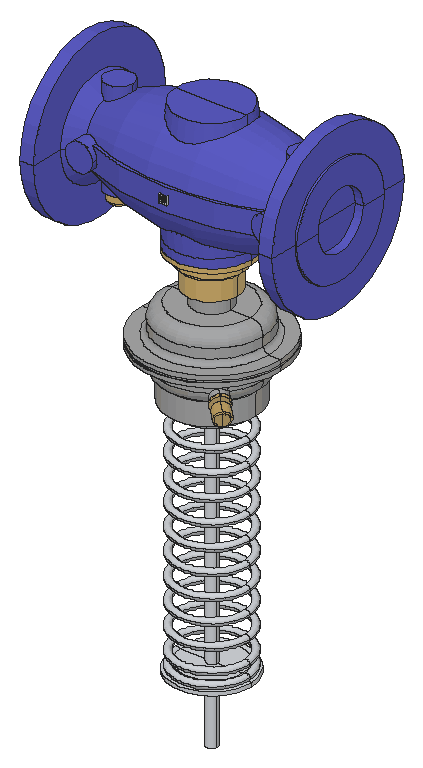
Revit family "Differential Pressure Control Valve F 4007 10-40kPa", category Rohrzubehör, Revit 2018
Family settings
  Bemaßung runder Anschluss = Durchmesser verwenden
  Teiletyp = Unterbricht
  OmniClass-Nummer = 23.65.55.14
  OmniClass-Titel = Valves for Liquid Services
  Arbeitsebenenbasiert = Nein
  Immer vertikal = Ja
  Beim Laden mit Abzugskörper schneiden = Nein
  Gemeinsam genutzt = Nein
Parameters
  Differential pressure setting range = "10-40 kPa"  # constant formula
  Testing pressure = 2500000.0 Pa  # constant formula
  Min. operating temperature (anti freeze) = -10 °C  # constant formula
  Min. operating temperature = 2 °C  # constant formula
  Max. operating temperature = 110 °C  # constant formula
  URL = "www.herzvalves.com"
  Spring = "EN 10270-1-SH"  # constant formula
  SCRNSEQ = "ARM;ARM_TYP=\"DIFR\";2"
  SCRNCODE = "05;03;02"  # constant formula
  S02 [instance] = H03 + H13  # 134 mm
  S01 [instance] = (2 * H02) + (2 * H04) + H05  # 72.7 mm
  R99 = 14 mm  # constant formula
  R98 = 6 mm  # constant formula
  R97 = 2 mm  # constant formula
  R02 = 15.5 mm  # constant formula
  R01 [instance] = size_lookup("4007_F_10-40", "R1", 45.5 mm, Nennweite)  # 55.5 mm
  R00 [instance] = size_lookup("4007_F_10-40", "R", 53 mm, Nennweite)  # 65 mm
  Nennweite [instance] = 65 mm
  O-Ring = "EPDM"  # constant formula
  Medium = "Water purity in accordance with ÖNORM H 5195 and VDI 2035 standards.\r\nEthylene and propylene glycol can be mixed in ratio of 25 - 50 vol. [%]."
  Max. operating pressure = 1600000.0 Pa  # constant formula
  Max. differential pressure = 400000.0 Pa  # constant formula
  L05 [instance] = L04 - 6.3 mm  # 104.7 mm
  L04 [instance] = size_lookup("4007_F_10-40", "L4", 81 mm, Nennweite)  # 111 mm
  L03 = 10 mm  # constant formula
  L02 [instance] = size_lookup("4007_F_10-40", "L2", 15 mm, Nennweite)  # 15 mm
  L01 = 3 mm  # constant formula
  L00 [instance] = size_lookup("4007_F_10-40", "L", 115 mm, Nennweite)  # 145 mm
  Hersteller = "HERZ Armaturen Ges.m.b.H."  # constant formula
  H19 [instance] = size_lookup("4007_F_10-40", "H19", 9 mm, Nennweite)  # 581 mm
  H18 [instance] = H19 - 75 mm  # 506 mm
  H17 = 6 mm  # constant formula
  H16 = 10 mm  # constant formula
  H15 = 24.5 mm  # constant formula
  H14 = 5 mm  # constant formula
  H13 = 17 mm  # constant formula
  H12 [instance] = R00 + 4 mm  # 69 mm
  H11 [instance] = R00 + 10 mm  # 75 mm
  H10 = 5 mm  # constant formula
  H09 [instance] = size_lookup("4007_F_10-40", "H9", 9 mm, Nennweite)  # 9 mm
  H08 = 21 mm  # constant formula
  H07 [instance] = R00 + 23.4 mm  # 88.4 mm
  H06 [instance] = D12 + 15 mm  # 55.5 mm
  H05 = 2.5 mm  # constant formula
  H04 = 4.6 mm  # constant formula
  H03 [instance] = H08 + H09 + H10 + H11 + H14 + R97  # 117 mm
  H02 [instance] = size_lookup("4007_F_10-40", "H2", 30.5 mm, Nennweite)  # 30.5 mm
  H01 [instance] = size_lookup("4007_F_10-40", "H1", 210 mm, Nennweite)  # 205 mm
  Diaphragm = "EPDM with textile"  # constant formula
  Body = "EN-GJL-250 gem. EN 1561"  # constant formula
  DN80 [instance] = Nennweite = 80 mm  # no
  DN65 [instance] = Nennweite = 65 mm  # yes
  DN100 [instance] = Nennweite = 100 mm  # no
  D17 = 6 mm  # constant formula
  D16 = 45 mm  # constant formula
  D15 = 35 mm  # constant formula
  D14 = 50 mm  # constant formula
  D13 [instance] = D11 + 10 mm  # 50 mm
  D12 [instance] = R01 - 15 mm  # 40.5 mm
  D11 [instance] = size_lookup("4007_F_10-40", "D11", 40 mm, Nennweite)  # 40 mm
  D10 [instance] = D11 + 5 mm  # 45 mm
  D09 [instance] = D11 - 5 mm  # 35 mm
  D08 = 24 mm  # constant formula
  D07 = 29.5 mm  # constant formula
  D06 [instance] = size_lookup("4007_F_10-40", "D6", 51 mm, Nennweite)  # 57.8 mm
  D05 [instance] = D04 - 1 mm  # 77 mm
  D04 [instance] = size_lookup("4007_F_10-40", "D4", 51 mm, Nennweite)  # 78 mm
  D03 = 21 mm  # constant formula
  D02 [instance] = Nennweite / 2  # 32.5 mm
  D01 [instance] = size_lookup("4007_F_10-40", "D1", 51 mm, Nennweite)  # 61 mm
  D00 [instance] = size_lookup("4007_F_10-40", "D", 82.5 mm, Nennweite)  # 92.5 mm
  Part number [instance] = if(Nennweite = 65 mm, "F400707", if(Nennweite = 80 mm, "F400708", if(Nennweite = 100 mm, "F400709", "0")))  # "F400707"
  Model = "The differential pressure controller is a straight-version proportional controller and works without auxiliary energy.\r\nThe required nominal differential pressure can be continuously adjusted from 10 to 40 kPa.\r\nThe impulse pipe (1500 mm) is included in the valve set and has to be connected to a double regulating valve on the supply side."
  Application = "For heating and cooling systems, to ensure constant differential pressure within the control range."
  Connection flange = "EN 1092-2"  # constant formula
Reference planes
  plane 1 "Mitte (Vorne/hinten)": y = 0
  plane 2: z = -0.015
  plane 3 "Mitte (Links/rechts)": x = 0
Forms (mm)
  Revolve 1, solid, material "Herz-Marineblau", detail levels fine
    sketch origin (1065, 0, 0) x (1, 0, 0) y (0, 1, 0)
      loop
        line (-1207, 92.5) -> (-1207, 61) -> (-1210, 61) -> (-1210, 32.5) -> (-1200, 32.5) -> (-1200, 0) -> (-930, 0) -> (-930, 32.5) -> (-920, 32.5) -> (-920, 61) -> (-923, 61) -> (-923, 92.5) -> (-938, 92.5) -> (-938, 55.5) -> (-954, 40.5)
        arc (-954, 40.5) -> (-1065, 65) -> (-1176, 40.5) r 263.699
        line (-1176, 40.5) -> (-1192, 55.5) -> (-1192, 92.5) -> (-1207, 92.5)
      axis (-1210, 0) -> (-920, 0)
    angle from 0 to 360
  Extrusion 2, solid, material "Herz-Marineblau", detail levels fine
    sketch origin (0, 0, 0) x (1, 0, 0) y (0, 1, 0)
      loop
        circle (-104.7, 0) r 15.5
      loop
        circle (104.7, 0) r 15.5
    from -55.515 to 55.485
  Extrusion 3, solid, material "Herz-Marineblau", detail levels fine
    sketch origin (0, 0, 0) x (-1, 0, 0) y (0, 0, -1)
      loop
        circle (104.7, 0) r 15.5
      loop
        circle (-104.7, 0) r 15.5
    from -55.5 to 55.5
  Revolve 4, solid, material "Herz-Marineblau", detail levels fine
    sketch origin (92.737, 0, -45.97) x (1, 0, 0) y (0, 0, 1)
      loop
        line (-92.737, 114.955) -> (-92.737, -29.045) -> (-47.737, -29.045) -> (-47.737, -19.045) -> (-42.737, 45.97) -> (-52.737, 114.955) -> (-92.737, 114.955)
      axis (-92.737, 114.955) -> (-92.737, -29.045)
    angle from 0 to 360
  Revolve 5, solid, material "Messing", detail levels fine
    sketch origin (446.725, 0, 35.707) x (1, 0, 0) y (0, 0, 1)
      loop
        line (-446.725, -110.722) -> (-446.725, -152.722) -> (-417.225, -152.722) -> (-417.225, -131.722) -> (-422.725, -131.722) -> (-422.725, -126.722) -> (-411.725, -126.722) -> (-411.725, -117.722)
        arc (-411.725, -117.722) -> (-411.14, -116.308) -> (-409.725, -115.722) r 2
        line (-409.725, -115.722) -> (-401.725, -115.722) -> (-401.725, -110.722) -> (-446.725, -110.722)
      axis (-446.725, -152.722) -> (-446.725, -110.722)
    angle from 0 to 360
  Revolve 6, solid, material "Aluminium", detail levels fine
    sketch origin (925.114, 0, 19.41) x (1, 0, 0) y (0, 0, 1)
      loop
        line (-925.114, -136.425) -> (-925.114, -250.625) -> (-875.114, -250.625) -> (-875.114, -226.125) -> (-881.314, -226.125)
        arc (-881.314, -226.125) -> (-871.414, -222.025) -> (-867.314, -212.125) r 14
        line (-867.314, -212.125) -> (-867.314, -201.625)
        arc (-867.314, -201.625) -> (-865.556, -197.383) -> (-861.314, -195.625) r 6
        line (-861.314, -195.625) -> (-847.114, -195.625) -> (-847.114, -191.025) -> (-848.114, -191.025) -> (-848.114, -188.525) -> (-847.114, -188.525) -> (-847.114, -183.925) -> (-861.314, -183.925)
        arc (-861.314, -183.925) -> (-865.556, -182.168) -> (-867.314, -177.925) r 6
        line (-867.314, -177.925) -> (-867.314, -167.425)
        arc (-867.314, -167.425) -> (-871.414, -157.526) -> (-881.314, -153.425) r 14
        line (-881.314, -153.425) -> (-904.114, -153.425) -> (-904.114, -136.425) -> (-925.114, -136.425)
      axis (-925.114, -136.425) -> (-925.114, -250.625)
    angle from 0 to 360
  Extrusion 7, solid, material "Herz-Marineblau", visible <- "DN65", detail levels fine
    sketch origin (0, 0, 0) x (1, 0, 0) y (0, 1, 0)
      loop
        arc (-104.7, -46.589) -> (0, -68) -> (104.7, -46.589) r 266.699
        line (104.7, -46.589) -> (104.7, 46.589)
        arc (104.7, 46.589) -> (0, 68) -> (-104.7, 46.589) r 266.699
        line (-104.7, 46.589) -> (-104.7, -46.589)
    from -12.5 to 12.5
  Extrusion 8, solid, material "Herz-Marineblau", visible <- "DN80", detail levels fine
    sketch origin (0, 0, 0) x (1, 0, 0) y (0, 1, 0)
      loop
        arc (-114.7, -54.973) -> (0, -74) -> (114.7, -54.973) r 355.238
        line (114.7, -54.973) -> (114.7, 54.973)
        arc (114.7, 54.973) -> (0, 74) -> (-114.7, 54.973) r 355.238
        line (-114.7, 54.973) -> (-114.7, -54.973)
    from -12.5 to 12.5
  Extrusion 9, solid, material "Herz-Marineblau", visible <- "DN100", detail levels fine
    sketch origin (0, 0, 0) x (1, 0, 0) y (0, 1, 0)
      loop
        arc (-134.7, -65.632) -> (0, -85) -> (134.7, -65.632) r 478.099
        line (134.7, -65.632) -> (134.7, 65.632)
        arc (134.7, 65.632) -> (0, 85) -> (-134.7, 65.632) r 478.099
        line (-134.7, 65.632) -> (-134.7, -65.632)
    from -12.5 to 12.5
  Revolve 10, solid, detail levels fine
    sketch origin (0, 0, 0) x (1, 0, 0) y (0, 0, 1)
      loop
        line (0, -506.015) -> (45, -506.015) -> (45, -502.015) -> (35, -502.015) -> (35, -496.015) -> (0, -496.015) -> (0, -506.015)
      axis (0, -496.015) -> (0, -506.015)
    angle from 0 to 360
  Revolve 11, solid, detail levels fine
    sketch origin (0, 0, 0) x (1, 0, 0) y (0, 0, 1)
      loop
        line (0, -219.215) -> (0, -581.015) -> (6, -581.015) -> (6, -219.215) -> (0, -219.215)
      axis (0, -219.215) -> (0, -581.015)
    angle from 0 to 360
  Sweep 12, solid, visible <- "DN65", detail levels fine
    path in 3D
      loop
        arc (-39, 0, -234.715) -> (0, -39, -234.715) -> (39, 0, -234.715) r 39
        arc (39, 0, -234.715) -> (0, 39, -234.715) -> (-39, 0, -234.715) r 39
    profile origin (0, 39, -234.715) x (0, -1, 0) y (0, 0, 1)
      loop
        circle (0, 0) r 3.5
  Sweep 13, solid, visible <- "DN65", detail levels fine
    path in 3D
      loop
        arc (-39, 0, -259.715) -> (0, -39, -259.715) -> (39, 0, -259.715) r 39
        arc (39, 0, -259.715) -> (0, 39, -259.715) -> (-39, 0, -259.715) r 39
    profile origin (0, 39, -259.715) x (0, -1, 0) y (0, 0, 1)
      loop
        circle (0, 0) r 3.5
  Sweep 14, solid, visible <- "DN65", detail levels fine
    path in 3D
      loop
        arc (-39, 0, -284.715) -> (0, -39, -284.715) -> (39, 0, -284.715) r 39
        arc (39, 0, -284.715) -> (0, 39, -284.715) -> (-39, 0, -284.715) r 39
    profile origin (0, 39, -284.715) x (0, -1, 0) y (0, 0, 1)
      loop
        circle (0, 0) r 3.5
  Sweep 15, solid, visible <- "DN65", detail levels fine
    path in 3D
      loop
        arc (-39, 0, -309.715) -> (0, -39, -309.715) -> (39, 0, -309.715) r 39
        arc (39, 0, -309.715) -> (0, 39, -309.715) -> (-39, 0, -309.715) r 39
    profile origin (0, 39, -309.715) x (0, -1, 0) y (0, 0, 1)
      loop
        circle (0, 0) r 3.5
  Sweep 16, solid, visible <- "DN65", detail levels fine
    path in 3D
      loop
        arc (-39, 0, -334.715) -> (0, -39, -334.715) -> (39, 0, -334.715) r 39
        arc (39, 0, -334.715) -> (0, 39, -334.715) -> (-39, 0, -334.715) r 39
    profile origin (0, 39, -334.715) x (0, -1, 0) y (0, 0, 1)
      loop
        circle (0, 0) r 3.5
  Sweep 17, solid, visible <- "DN65", detail levels fine
    path in 3D
      loop
        arc (-39, 0, -359.715) -> (0, -39, -359.715) -> (39, 0, -359.715) r 39
        arc (39, 0, -359.715) -> (0, 39, -359.715) -> (-39, 0, -359.715) r 39
    profile origin (0, 39, -359.715) x (0, -1, 0) y (0, 0, 1)
      loop
        circle (0, 0) r 3.5
  Sweep 18, solid, visible <- "DN65", detail levels fine
    path in 3D
      loop
        arc (-39, 0, -384.715) -> (0, -39, -384.715) -> (39, 0, -384.715) r 39
        arc (39, 0, -384.715) -> (0, 39, -384.715) -> (-39, 0, -384.715) r 39
    profile origin (0, 39, -384.715) x (0, -1, 0) y (0, 0, 1)
      loop
        circle (0, 0) r 3.5
  Sweep 19, solid, visible <- "DN65", detail levels fine
    path in 3D
      loop
        arc (-39, 0, -409.715) -> (0, -39, -409.715) -> (39, 0, -409.715) r 39
        arc (39, 0, -409.715) -> (0, 39, -409.715) -> (-39, 0, -409.715) r 39
    profile origin (0, 39, -409.715) x (0, -1, 0) y (0, 0, 1)
      loop
        circle (0, 0) r 3.5
  Sweep 20, solid, visible <- "DN65", detail levels fine
    path in 3D
      loop
        arc (-39, 0, -434.715) -> (0, -39, -434.715) -> (39, 0, -434.715) r 39
        arc (39, 0, -434.715) -> (0, 39, -434.715) -> (-39, 0, -434.715) r 39
    profile origin (0, 39, -434.715) x (0, -1, 0) y (0, 0, 1)
      loop
        circle (0, 0) r 3.5
  Sweep 21, solid, visible <- "DN65", detail levels fine
    path in 3D
      loop
        arc (-39, 0, -459.715) -> (0, -39, -459.715) -> (39, 0, -459.715) r 39
        arc (39, 0, -459.715) -> (0, 39, -459.715) -> (-39, 0, -459.715) r 39
    profile origin (0, 39, -459.715) x (0, -1, 0) y (0, 0, 1)
      loop
        circle (0, 0) r 3.5
  Sweep 22, solid, visible <- "DN65", detail levels fine
    path in 3D
      loop
        arc (-39, 0, -484.715) -> (0, -39, -484.715) -> (39, 0, -484.715) r 39
        arc (39, 0, -484.715) -> (0, 39, -484.715) -> (-39, 0, -484.715) r 39
    profile origin (0, 39, -484.715) x (0, -1, 0) y (0, 0, 1)
      loop
        circle (0, 0) r 3.5
  Sweep 23, solid, visible <- "DN65", detail levels fine
    path in 3D
      loop
        arc (-39, 0, -498.715) -> (0, -39, -498.715) -> (39, 0, -498.715) r 39
        arc (39, 0, -498.715) -> (0, 39, -498.715) -> (-39, 0, -498.715) r 39
    profile origin (0, 39, -498.715) x (0, -1, 0) y (0, 0, 1)
      loop
        circle (0, 0) r 3.5
  Sweep 24, solid, visible <- "DN80", detail levels fine
    path in 3D
      loop
        arc (-39, 0, -241.715) -> (0, -39, -241.715) -> (39, 0, -241.715) r 39
        arc (39, 0, -241.715) -> (0, 39, -241.715) -> (-39, 0, -241.715) r 39
    profile origin (0, 39, -241.715) x (0, -1, 0) y (0, 0, 1)
      loop
        circle (0, 0) r 3.5
  Sweep 25, solid, visible <- "DN80", detail levels fine
    path in 3D
      loop
        arc (-39, 0, -266.715) -> (0, -39, -266.715) -> (39, 0, -266.715) r 39
        arc (39, 0, -266.715) -> (0, 39, -266.715) -> (-39, 0, -266.715) r 39
    profile origin (0, 39, -266.715) x (0, -1, 0) y (0, 0, 1)
      loop
        circle (0, 0) r 3.5
  Sweep 26, solid, visible <- "DN80", detail levels fine
    path in 3D
      loop
        arc (-39, 0, -291.715) -> (0, -39, -291.715) -> (39, 0, -291.715) r 39
        arc (39, 0, -291.715) -> (0, 39, -291.715) -> (-39, 0, -291.715) r 39
    profile origin (0, 39, -291.715) x (0, -1, 0) y (0, 0, 1)
      loop
        circle (0, 0) r 3.5
  Sweep 27, solid, visible <- "DN80", detail levels fine
    path in 3D
      loop
        arc (-39, 0, -316.715) -> (0, -39, -316.715) -> (39, 0, -316.715) r 39
        arc (39, 0, -316.715) -> (0, 39, -316.715) -> (-39, 0, -316.715) r 39
    profile origin (0, 39, -316.715) x (0, -1, 0) y (0, 0, 1)
      loop
        circle (0, 0) r 3.5
  Sweep 28, solid, visible <- "DN80", detail levels fine
    path in 3D
      loop
        arc (-39, 0, -341.715) -> (0, -39, -341.715) -> (39, 0, -341.715) r 39
        arc (39, 0, -341.715) -> (0, 39, -341.715) -> (-39, 0, -341.715) r 39
    profile origin (0, 39, -341.715) x (0, -1, 0) y (0, 0, 1)
      loop
        circle (0, 0) r 3.5
  Sweep 29, solid, visible <- "DN80", detail levels fine
    path in 3D
      loop
        arc (-39, 0, -366.715) -> (0, -39, -366.715) -> (39, 0, -366.715) r 39
        arc (39, 0, -366.715) -> (0, 39, -366.715) -> (-39, 0, -366.715) r 39
    profile origin (0, 39, -366.715) x (0, -1, 0) y (0, 0, 1)
      loop
        circle (0, 0) r 3.5
  Sweep 30, solid, visible <- "DN80", detail levels fine
    path in 3D
      loop
        arc (-39, 0, -391.715) -> (0, -39, -391.715) -> (39, 0, -391.715) r 39
        arc (39, 0, -391.715) -> (0, 39, -391.715) -> (-39, 0, -391.715) r 39
    profile origin (0, 39, -391.715) x (0, -1, 0) y (0, 0, 1)
      loop
        circle (0, 0) r 3.5
  Sweep 31, solid, visible <- "DN80", detail levels fine
    path in 3D
      loop
        arc (-39, 0, -416.715) -> (0, -39, -416.715) -> (39, 0, -416.715) r 39
        arc (39, 0, -416.715) -> (0, 39, -416.715) -> (-39, 0, -416.715) r 39
    profile origin (0, 39, -416.715) x (0, -1, 0) y (0, 0, 1)
      loop
        circle (0, 0) r 3.5
  Sweep 32, solid, visible <- "DN80", detail levels fine
    path in 3D
      loop
        arc (-39, 0, -441.715) -> (0, -39, -441.715) -> (39, 0, -441.715) r 39
        arc (39, 0, -441.715) -> (0, 39, -441.715) -> (-39, 0, -441.715) r 39
    profile origin (0, 39, -441.715) x (0, -1, 0) y (0, 0, 1)
      loop
        circle (0, 0) r 3.5
  Sweep 33, solid, visible <- "DN80", detail levels fine
    path in 3D
      loop
        arc (-39, 0, -466.715) -> (0, -39, -466.715) -> (39, 0, -466.715) r 39
        arc (39, 0, -466.715) -> (0, 39, -466.715) -> (-39, 0, -466.715) r 39
    profile origin (0, 39, -466.715) x (0, -1, 0) y (0, 0, 1)
      loop
        circle (0, 0) r 3.5
  Sweep 34, solid, visible <- "DN80", detail levels fine
    path in 3D
      loop
        arc (-39, 0, -491.715) -> (0, -39, -491.715) -> (39, 0, -491.715) r 39
        arc (39, 0, -491.715) -> (0, 39, -491.715) -> (-39, 0, -491.715) r 39
    profile origin (0, 39, -491.715) x (0, -1, 0) y (0, 0, 1)
      loop
        circle (0, 0) r 3.5
  Sweep 35, solid, visible <- "DN80", detail levels coarse+medium
    path in 3D
      loop
        arc (-39, 0, -520.215) -> (0, -39, -520.215) -> (39, 0, -520.215) r 39
        arc (39, 0, -520.215) -> (0, 39, -520.215) -> (-39, 0, -520.215) r 39
    profile origin (0, 39, -520.215) x (0, -1, 0) y (0, 0, 1)
      loop
        circle (0, 0) r 3.5
  Sweep 36, solid, visible <- "DN100", detail levels fine
    path in 3D
      loop
        arc (-39, 0, -251.715) -> (0, -39, -251.715) -> (39, 0, -251.715) r 39
        arc (39, 0, -251.715) -> (0, 39, -251.715) -> (-39, 0, -251.715) r 39
    profile origin (0, 39, -251.715) x (0, -1, 0) y (0, 0, 1)
      loop
        circle (0, 0) r 3.5
  Sweep 37, solid, visible <- "DN100", detail levels fine
    path in 3D
      loop
        arc (-39, 0, -276.715) -> (0, -39, -276.715) -> (39, 0, -276.715) r 39
        arc (39, 0, -276.715) -> (0, 39, -276.715) -> (-39, 0, -276.715) r 39
    profile origin (0, 39, -276.715) x (0, -1, 0) y (0, 0, 1)
      loop
        circle (0, 0) r 3.5
  Sweep 38, solid, visible <- "DN100", detail levels fine
    path in 3D
      loop
        arc (-39, 0, -301.715) -> (0, -39, -301.715) -> (39, 0, -301.715) r 39
        arc (39, 0, -301.715) -> (0, 39, -301.715) -> (-39, 0, -301.715) r 39
    profile origin (0, 39, -301.715) x (0, -1, 0) y (0, 0, 1)
      loop
        circle (0, 0) r 3.5
  Sweep 39, solid, visible <- "DN100", detail levels fine
    path in 3D
      loop
        arc (-39, 0, -326.715) -> (0, -39, -326.715) -> (39, 0, -326.715) r 39
        arc (39, 0, -326.715) -> (0, 39, -326.715) -> (-39, 0, -326.715) r 39
    profile origin (0, 39, -326.715) x (0, -1, 0) y (0, 0, 1)
      loop
        circle (0, 0) r 3.5
  Sweep 40, solid, visible <- "DN100", detail levels fine
    path in 3D
      loop
        arc (-39, 0, -351.715) -> (0, -39, -351.715) -> (39, 0, -351.715) r 39
        arc (39, 0, -351.715) -> (0, 39, -351.715) -> (-39, 0, -351.715) r 39
    profile origin (0, 39, -351.715) x (0, -1, 0) y (0, 0, 1)
      loop
        circle (0, 0) r 3.5
  Sweep 41, solid, visible <- "DN100", detail levels fine
    path in 3D
      loop
        arc (-39, 0, -376.715) -> (0, -39, -376.715) -> (39, 0, -376.715) r 39
        arc (39, 0, -376.715) -> (0, 39, -376.715) -> (-39, 0, -376.715) r 39
    profile origin (0, 39, -376.715) x (0, -1, 0) y (0, 0, 1)
      loop
        circle (0, 0) r 3.5
  Sweep 42, solid, visible <- "DN100", detail levels fine
    path in 3D
      loop
        arc (-39, 0, -401.715) -> (0, -39, -401.715) -> (39, 0, -401.715) r 39
        arc (39, 0, -401.715) -> (0, 39, -401.715) -> (-39, 0, -401.715) r 39
    profile origin (0, 39, -401.715) x (0, -1, 0) y (0, 0, 1)
      loop
        circle (0, 0) r 3.5
  Sweep 43, solid, visible <- "DN100", detail levels fine
    path in 3D
      loop
        arc (-39, 0, -426.715) -> (0, -39, -426.715) -> (39, 0, -426.715) r 39
        arc (39, 0, -426.715) -> (0, 39, -426.715) -> (-39, 0, -426.715) r 39
    profile origin (0, 39, -426.715) x (0, -1, 0) y (0, 0, 1)
      loop
        circle (0, 0) r 3.5
  Sweep 44, solid, visible <- "DN100", detail levels fine
    path in 3D
      loop
        arc (-39, 0, -451.715) -> (0, -39, -451.715) -> (39, 0, -451.715) r 39
        arc (39, 0, -451.715) -> (0, 39, -451.715) -> (-39, 0, -451.715) r 39
    profile origin (0, 39, -451.715) x (0, -1, 0) y (0, 0, 1)
      loop
        circle (0, 0) r 3.5
  Sweep 45, solid, visible <- "DN100", detail levels fine
    path in 3D
      loop
        arc (-39, 0, -476.715) -> (0, -39, -476.715) -> (39, 0, -476.715) r 39
        arc (39, 0, -476.715) -> (0, 39, -476.715) -> (-39, 0, -476.715) r 39
    profile origin (0, 39, -476.715) x (0, -1, 0) y (0, 0, 1)
      loop
        circle (0, 0) r 3.5
  Sweep 46, solid, visible <- "DN100", detail levels fine
    path in 3D
      loop
        arc (-39, 0, -501.715) -> (0, -39, -501.715) -> (39, 0, -501.715) r 39
        arc (39, 0, -501.715) -> (0, 39, -501.715) -> (-39, 0, -501.715) r 39
    profile origin (0, 39, -501.715) x (0, -1, 0) y (0, 0, 1)
      loop
        circle (0, 0) r 3.5
  Sweep 47, solid, visible <- "DN100", detail levels fine
    path in 3D
      loop
        arc (-39, 0, -520.215) -> (0, -39, -520.215) -> (39, 0, -520.215) r 39
        arc (39, 0, -520.215) -> (0, 39, -520.215) -> (-39, 0, -520.215) r 39
    profile origin (0, 39, -520.215) x (0, -1, 0) y (0, 0, 1)
      loop
        circle (0, 0) r 3.5
  Sweep 48, solid, visible <- "DN80", detail levels fine
    path in 3D
      loop
        arc (-39, 0, -517.715) -> (0, -39, -517.715) -> (39, 0, -517.715) r 39
        arc (39, 0, -517.715) -> (0, 39, -517.715) -> (-39, 0, -517.715) r 39
    profile origin (0, 39, -517.715) x (0, -1, 0) y (0, 0, 1)
      loop
        circle (0, 0) r 3.5
  Revolve 49, solid, material "Messing, weicher Gelbton, geschweißt", visible <- "DN65", detail levels fine
    sketch origin (-4.911, 4.911, 5.574) x (0.707107, -0.707107, 0) y (0, 0, 1)
      loop
        line (70.524, -205.006) -> (94, -209.996) -> (95.511, -202.887) -> (94.817, -201.293) -> (81.133, -198.384) -> (80.534, -201.204) -> (75.643, -200.164) -> (76.516, -196.056) -> (72.604, -195.224) -> (70.524, -205.006)
      axis (94, -209.996) -> (70.524, -205.006)
    angle from 0 to 360
  Revolve 50, solid, material "Aluminium", visible <- "DN65", detail levels fine
    sketch origin (31.152, -31.152, -5.266) x (0.707107, -0.707107, 0) y (0, 0, 1)
      loop
        line (19.524, -194.165) -> (21.5, -184.873) -> (-42.08, -171.359) -> (-44.055, -180.651) -> (19.524, -194.165)
      axis (-44.055, -180.651) -> (19.524, -194.165)
    angle from 0 to 360
  Revolve 51, solid, material "Messing, weicher Gelbton, geschweißt", visible <- "DN80", detail levels fine
    sketch origin (4.911, 4.911, -1.426) x (-0.707107, -0.707107, 0) y (0, 0, -1)
      loop
        line (70.524, 205.006) -> (72.604, 195.224) -> (76.516, 196.056) -> (75.643, 200.164) -> (80.534, 201.204) -> (81.133, 198.384) -> (94.817, 201.293) -> (95.511, 202.887) -> (94, 209.996) -> (70.524, 205.006)
      axis (94, 209.996) -> (70.524, 205.006)
    angle from 0 to 360
  Revolve 52, solid, material "Aluminium", visible <- "DN80", detail levels fine
    sketch origin (-31.152, -31.152, -12.266) x (-0.707107, -0.707107, 0) y (0, 0, -1)
      loop
        line (19.524, 194.165) -> (-44.055, 180.651) -> (-42.08, 171.359) -> (21.5, 184.873) -> (19.524, 194.165)
      axis (-44.055, 180.651) -> (19.524, 194.165)
    angle from 0 to 360
  Revolve 53, solid, material "Messing, weicher Gelbton, geschweißt", visible <- "DN100", detail levels fine
    sketch origin (4.911, 4.911, -11.426) x (-0.707107, -0.707107, 0) y (0, 0, -1)
      loop
        line (70.524, 205.006) -> (72.604, 195.224) -> (76.516, 196.056) -> (75.643, 200.164) -> (80.534, 201.204) -> (81.133, 198.384) -> (94.817, 201.293) -> (95.511, 202.887) -> (94, 209.996) -> (70.524, 205.006)
      axis (94, 209.996) -> (70.524, 205.006)
    angle from 0 to 360
  Revolve 54, solid, material "Aluminium", visible <- "DN100", detail levels fine
    sketch origin (-31.152, -31.152, -22.266) x (-0.707107, -0.707107, 0) y (0, 0, -1)
      loop
        line (19.524, 194.165) -> (-44.055, 180.651) -> (-42.08, 171.359) -> (21.5, 184.873) -> (19.524, 194.165)
      axis (-44.055, 180.651) -> (19.524, 194.165)
    angle from 0 to 360
  Revolve 55, solid, material "Messing, weicher Gelbton, geschweißt", detail levels fine
    sketch origin (0, 0, 0) x (1, 0, 0) y (0, 0, 1)
      loop
        line (-104.7, -55.515) -> (-116.7, -55.515) -> (-116.7, -64.515) -> (-113.7, -64.515) -> (-113.7, -68.015) -> (-104.7, -68.015) -> (-104.7, -55.515)
      axis (-104.7, -68.015) -> (-104.7, -55.515)
    angle from 0 to 360
  Revolve 56, solid, material "Messing, weicher Gelbton, geschweißt", detail levels fine
    sketch origin (0, 0, 0) x (-1, 0, 0) y (0, 0, 1)
      loop
        line (-104.7, -55.515) -> (-116.7, -55.515) -> (-116.7, -64.515) -> (-113.7, -64.515) -> (-113.7, -68.015) -> (-104.7, -68.015) -> (-104.7, -55.515)
      axis (-104.7, -68.015) -> (-104.7, -55.515)
    angle from 0 to 360
Lines and regions (mm)
  model lines, detail levels coarse+medium
    curve 1: line (-145, 0, -92.515) -> (-145, 0, 92.485)
    curve 2: line (-145, 0, 92.485) -> (145, 0, -92.515)
    curve 3: line (145, 0, -92.515) -> (145, 0, 92.485)
    curve 4: line (145, 0, 92.485) -> (-145, 0, -92.515)
    curve 5: line (-72.5, 0, -46.265) -> (0, 0, -92.515)
    curve 6: line (0, 0, -92.515) -> (72.5, 0, -46.265)
    curve 7: spline (-78, 0, -170.365) -> (-75.342, 0, -160.957) -> (-67.55, 0, -152.19) -> (-55.154, 0, -144.662) -> (-39, 0, -138.885) -> (-20.188, 0, -135.254) -> (0, 0, -134.015) -> (20.188, 0, -135.254) -> (39, 0, -138.885) -> (55.154, 0, -144.662) -> (67.55, 0, -152.19) -> (75.342, 0, -160.957) -> (78, 0, -170.365) -> (75.342, 0, -179.773) -> (67.55, 0, -188.54) -> (55.154, 0, -196.069) -> (39, 0, -201.845) -> (20.188, 0, -205.477) -> (0, 0, -206.715) -> (-20.188, 0, -205.477) -> (-39, 0, -201.845) -> (-55.154, 0, -196.069) -> (-67.55, 0, -188.54) -> (-75.342, 0, -179.773) -> (-78, 0, -170.365)
    curve 8: line (0, 0, -92.515) -> (0, 0, -134.015)
    curve 9: line (-145, 92.5, 0) -> (-145, -92.5, 0)
    curve 10: line (-145, -92.5, 0) -> (145, 92.5, 0)
    curve 11: line (145, 92.5, 0) -> (145, -92.5, 0)
    curve 12: line (145, -92.5, 0) -> (-145, 92.5, 0)
    curve 13: line (-72.5, -46.25, 0) -> (0, -92.5, 0)
    curve 14: line (0, -92.5, 0) -> (72.5, -46.25, 0)
    curve 15: line (0, -92.5, 0) -> (0, -134, 0)
    curve 16: spline (-78, -170.35, 0) -> (-75.342, -160.942, 0) -> (-67.55, -152.175, 0) -> (-55.154, -144.647, 0) -> (-39, -138.87, 0) -> (-20.188, -135.239, 0) -> (0, -134, 0) -> (20.188, -135.239, 0) -> (39, -138.87, 0) -> (55.154, -144.647, 0) -> (67.55, -152.175, 0) -> (75.342, -160.942, 0) -> (78, -170.35, 0) -> (75.342, -179.758, 0) -> (67.55, -188.525, 0) -> (55.154, -196.053, 0) -> (39, -201.83, 0) -> (20.188, -205.461, 0) -> (0, -206.7, 0) -> (-20.188, -205.461, 0) -> (-39, -201.83, 0) -> (-55.154, -196.053, 0) -> (-67.55, -188.525, 0) -> (-75.342, -179.758, 0) -> (-78, -170.35, 0)
  sketch lines
    curve 17: circle (0, 0, -234.715) r 39 normal (0, 0, 1)
    curve 18: circle (0, 0, -259.715) r 39 normal (0, 0, 1)
    curve 19: circle (0, 0, -284.715) r 39 normal (0, 0, 1)
    curve 20: circle (0, 0, -309.715) r 39 normal (0, 0, 1)
    curve 21: circle (0, 0, -334.715) r 39 normal (0, 0, 1)
    curve 22: circle (0, 0, -359.715) r 39 normal (0, 0, 1)
    curve 23: circle (0, 0, -384.715) r 39 normal (0, 0, 1)
    curve 24: circle (0, 0, -409.715) r 39 normal (0, 0, 1)
    curve 25: circle (0, 0, -434.715) r 39 normal (0, 0, 1)
    curve 26: circle (0, 0, -459.715) r 39 normal (0, 0, 1)
    curve 27: circle (0, 0, -484.715) r 39 normal (0, 0, 1)
    curve 29: circle (0, 0, -498.715) r 39 normal (0, 0, 1)
    curve 30: circle (0, 0, -241.715) r 39 normal (0, 0, 1)
    curve 31: circle (0, 0, -266.715) r 39 normal (0, 0, 1)
    curve 32: circle (0, 0, -291.715) r 39 normal (0, 0, 1)
    curve 33: circle (0, 0, -316.715) r 39 normal (0, 0, 1)
    curve 34: circle (0, 0, -341.715) r 39 normal (0, 0, 1)
    curve 35: circle (0, 0, -366.715) r 39 normal (0, 0, 1)
    curve 36: circle (0, 0, -391.715) r 39 normal (0, 0, 1)
    curve 37: circle (0, 0, -416.715) r 39 normal (0, 0, 1)
    curve 38: circle (0, 0, -441.715) r 39 normal (0, 0, 1)
    curve 39: circle (0, 0, -466.715) r 39 normal (0, 0, 1)
    curve 40: circle (0, 0, -491.715) r 39 normal (0, 0, 1)
    curve 41: circle (0, 0, -520.215) r 39 normal (0, 0, 1)
    curve 43: circle (0, 0, -251.715) r 39 normal (0, 0, 1)
    curve 44: circle (0, 0, -276.715) r 39 normal (0, 0, 1)
    curve 45: circle (0, 0, -301.715) r 39 normal (0, 0, 1)
    curve 46: circle (0, 0, -326.715) r 39 normal (0, 0, 1)
    curve 47: circle (0, 0, -351.715) r 39 normal (0, 0, 1)
    curve 48: circle (0, 0, -376.715) r 39 normal (0, 0, 1)
    curve 49: circle (0, 0, -401.715) r 39 normal (0, 0, 1)
    curve 50: circle (0, 0, -426.715) r 39 normal (0, 0, 1)
    curve 51: circle (0, 0, -451.715) r 39 normal (0, 0, 1)
    curve 52: circle (0, 0, -476.715) r 39 normal (0, 0, 1)
    curve 53: circle (0, 0, -501.715) r 39 normal (0, 0, 1)
    curve 54: circle (0, 0, -520.215) r 39 normal (0, 0, 1)
    curve 56: circle (0, 0, -517.715) r 39 normal (0, 0, 1)
  model lines, visible <- "DN65", detail levels coarse+medium
    curve 28: line (-39, 0, -231.215) -> (39, 0, -231.215)
  model lines, visible <- "DN80", detail levels fine
    curve 42: line (-39, 0, -238.215) -> (39, 0, -238.215)
  model lines, visible <- "DN100", detail levels fine
    curve 55: line (-39, 0, -248.215) -> (39, 0, -248.215)
Dimensions and locks
  "H06": Extrusion 3 to plane 1 "Mitte (Vorne/hinten)" to Extrusion 3  (x2)
  "L02": Revolve 1 sketch curve to Revolve 1 sketch curve  (x2)
  "L01": Revolve 1 sketch curve to Revolve 1 sketch curve  (x2)
  "L00": Revolve 1 sketch curve to plane 3 "Mitte (Links/rechts)" to Revolve 1 sketch curve
  "L03": Revolve 1 sketch curve to Revolve 1 sketch curve  (x2)
  "D02": plane 1 "Mitte (Vorne/hinten)" to Revolve 1 sketch curve  (x2)
  "L04": plane 3 "Mitte (Links/rechts)" to Revolve 1 sketch curve
  "R01": plane 1 "Mitte (Vorne/hinten)" to Revolve 1 sketch curve
  "D01": plane 1 "Mitte (Vorne/hinten)" to Revolve 1 sketch curve  (x2)
  "D00": plane 1 "Mitte (Vorne/hinten)" to Revolve 1 sketch curve  (x2)
  "H06": Extrusion 2 to plane 2 to Extrusion 2  (x2)
  "L04": Revolve 1 sketch curve to plane 3 "Mitte (Links/rechts)"
  "R00": Revolve 1 sketch curve to Revolve 1 sketch curve
  "R01": Revolve 1 sketch curve to Revolve 1 sketch curve
  "D05": Revolve 6 sketch curve to Revolve 6 sketch curve
  "D04": Revolve 6 sketch curve to Revolve 6 sketch curve  (x2)
  "H04": Revolve 6 sketch curve to Revolve 6 sketch curve  (x2)
  "H05": Revolve 6 sketch curve to Revolve 6 sketch curve
  "H02": Revolve 6 sketch curve to Revolve 6 sketch curve  (x2)
  "H03": plane 2 to Revolve 6 sketch curve
  "D06": Revolve 6 sketch curve to Revolve 6 sketch curve
  "D03": Revolve 6 sketch curve to Revolve 6 sketch curve
  "D07": Revolve 5 sketch curve to Revolve 5 sketch curve
  "D08": Revolve 5 sketch curve to Revolve 5 sketch curve
  "H08": Revolve 5 sketch curve to Revolve 5 sketch curve
  "D09": Revolve 5 sketch curve to Revolve 5 sketch curve
  "D10": Revolve 5 sketch curve to Revolve 5 sketch curve
  "H10": Revolve 5 sketch curve to Revolve 5 sketch curve
  "H11": plane 2 to Revolve 4 sketch curve
  "H11": plane 2 to Revolve 5 sketch curve
  "D10": Revolve 4 sketch curve to Revolve 4 sketch curve
  "H12": Revolve 4 sketch curve to plane 2
  "L05": Extrusion 2 sketch curve to plane 3 "Mitte (Links/rechts)"
  "L05": plane 3 "Mitte (Links/rechts)" to Extrusion 2 sketch curve
  "L05": plane 3 "Mitte (Links/rechts)" to Extrusion 3 sketch curve
  "L05": Extrusion 3 sketch curve to plane 3 "Mitte (Links/rechts)"
  "D12": Revolve 1 sketch curve to Revolve 1 sketch curve  (x2)
  "D06": plane 3 "Mitte (Links/rechts)" to Revolve 6 sketch curve
  "R00": plane 2 to Revolve 4 sketch curve
  "D11": Revolve 4 sketch curve to Revolve 4 sketch curve
  "D13": Revolve 4 sketch curve to Revolve 4 sketch curve
  "H13": Revolve 6 sketch curve to Revolve 6 sketch curve
  "H14": Revolve 5 sketch curve to Revolve 5 sketch curve
  "H09": Revolve 5 sketch curve to Revolve 5 sketch curve
  "H03": plane 2 to Revolve 5 sketch curve
  "D14": Revolve 6 sketch curve to plane 3 "Mitte (Links/rechts)"
  "H15": Revolve 6 sketch curve to Revolve 6 sketch curve
  "H16": Revolve 10 sketch curve to Revolve 10 sketch curve
  "D15": Revolve 10 sketch curve to Revolve 10 sketch curve
  "D16": Revolve 10 sketch curve to Revolve 10 sketch curve
  "H17": Revolve 10 sketch curve to Revolve 10 sketch curve
  "D17": Revolve 11 sketch curve to Revolve 11 sketch curve
  "L00": curve 3 to plane 3 "Mitte (Links/rechts)" to curve 1
  "D00": curve 2 to plane 2 to curve 4
  "D00": curve 4 to plane 2 to curve 3
  equal spacing: plane 3 "Mitte (Links/rechts)", curve 5, curve 4
  equal spacing: curve 3, curve 6, plane 3 "Mitte (Links/rechts)"
  "D00": plane 2 to curve 6
  "D04": plane 3 "Mitte (Links/rechts)" to curve 7
  "S01": curve 7 to curve 7
  "S02": plane 2 to curve 8
  "S02": plane 2 to curve 7
  "L00": curve 9 to plane 3 "Mitte (Links/rechts)" to curve 11
  "D00": curve 10 to plane 1 "Mitte (Vorne/hinten)" to curve 12
  "D00": curve 12 to plane 1 "Mitte (Vorne/hinten)" to curve 11
  equal spacing: plane 3 "Mitte (Links/rechts)", curve 13, curve 10
  equal spacing: plane 3 "Mitte (Links/rechts)", curve 14, curve 12
  "D00": curve 14 to plane 1 "Mitte (Vorne/hinten)"
  "S02": curve 15 to plane 1 "Mitte (Vorne/hinten)"
  "S01": curve 16 to curve 16
  "D04": curve 16 to plane 3 "Mitte (Links/rechts)"
  "S02": curve 16 to plane 1 "Mitte (Vorne/hinten)"
  "H19": plane 2 to Revolve 11 sketch curve
  "H18": plane 2 to Revolve 10 sketch curve
  "H06": plane 2 to Revolve 55 sketch curve
  Revolve 55 sketch curve to Revolve 55 sketch curve = 9 mm  (x2)
  Revolve 55 sketch curve to Revolve 55 sketch curve = 12.5 mm
  Revolve 55 sketch curve to Revolve 55 sketch curve = 12 mm
  "L05": plane 3 "Mitte (Links/rechts)" to Revolve 55 sketch curve
  Revolve 56 sketch curve to Revolve 56 sketch curve = 9 mm  (x2)
  Revolve 56 sketch curve to Revolve 56 sketch curve = 12.5 mm
  Revolve 56 sketch curve to Revolve 56 sketch curve = 12 mm
  "H06": plane 2 to Revolve 56 sketch curve
  "L05": Revolve 56 sketch curve to plane 3 "Mitte (Links/rechts)"
  "R99": radius of Revolve 6 sketch curve  (x2)
  "R98": radius of Revolve 6 sketch curve  (x2)
  "R02": radius of Extrusion 2 sketch curve  (x2)
  "R02": radius of Extrusion 3 sketch curve  (x2)
  "R97": radius of Revolve 5 sketch curve
  aligned and locked: level to plane 2
Automatic sketch dimensions
  Extrusion 7 sketch curve to plane 3 "Mitte (Links/rechts)" = 0 mm  (x2)
  plane 1 "Mitte (Vorne/hinten)" to Extrusion 7 sketch curve = 46.589 mm
  Extrusion 7 sketch curve to plane 3 "Mitte (Links/rechts)" = 104.7 mm
  Extrusion 7 sketch curve to plane 1 "Mitte (Vorne/hinten)" = 46.589 mm
  plane 3 "Mitte (Links/rechts)" to Extrusion 7 sketch curve = 104.7 mm
  Extrusion 7 sketch curve to Extrusion 7 sketch curve = 152.11 mm  (x2)
  Extrusion 8 sketch curve to plane 3 "Mitte (Links/rechts)" = 0 mm  (x2)
  plane 1 "Mitte (Vorne/hinten)" to Extrusion 8 sketch curve = 54.973 mm
  Extrusion 8 sketch curve to plane 3 "Mitte (Links/rechts)" = 114.7 mm
  Extrusion 8 sketch curve to plane 1 "Mitte (Vorne/hinten)" = 54.973 mm
  plane 3 "Mitte (Links/rechts)" to Extrusion 8 sketch curve = 114.7 mm
  Extrusion 8 sketch curve to Extrusion 8 sketch curve = 226.265 mm  (x2)
  Extrusion 9 sketch curve to plane 3 "Mitte (Links/rechts)" = 0 mm  (x2)
  plane 1 "Mitte (Vorne/hinten)" to Extrusion 9 sketch curve = 65.632 mm
  Extrusion 9 sketch curve to plane 3 "Mitte (Links/rechts)" = 134.7 mm
  Extrusion 9 sketch curve to plane 1 "Mitte (Vorne/hinten)" = 65.632 mm
  plane 3 "Mitte (Links/rechts)" to Extrusion 9 sketch curve = 134.7 mm
  Extrusion 9 sketch curve to Extrusion 9 sketch curve = 327.466 mm  (x2)
  curve 55 to plane 3 "Mitte (Links/rechts)" = 39 mm
  curve 55 to plane 2 = 248.2 mm
  curve 42 to curve 55 = 0 mm  (x2)
  curve 28 to curve 42 = 0 mm  (x2)
  plane 3 "Mitte (Links/rechts)" to curve 42 = 39 mm
  curve 55 to curve 42 = 10 mm
  curve 42 to curve 28 = 7 mm
  Sweep 12 sketch curve to profile plane = 0 mm  (x2)
  Sweep 13 sketch curve to profile plane = 0 mm  (x2)
  Sweep 14 sketch curve to profile plane = 0 mm  (x2)
  Sweep 15 sketch curve to profile plane = 0 mm  (x2)
  Sweep 16 sketch curve to profile plane = 0 mm  (x2)
  Sweep 17 sketch curve to profile plane = 0 mm  (x2)
  Sweep 18 sketch curve to profile plane = 0 mm  (x2)
  Sweep 19 sketch curve to profile plane = 0 mm  (x2)
  Sweep 20 sketch curve to profile plane = 0 mm  (x2)
  Sweep 21 sketch curve to profile plane = 0 mm  (x2)
  Sweep 22 sketch curve to profile plane = 0 mm  (x2)
  Sweep 23 sketch curve to profile plane = 0 mm  (x2)
  Sweep 24 sketch curve to profile plane = 0 mm  (x2)
  Sweep 25 sketch curve to profile plane = 0 mm  (x2)
  Sweep 26 sketch curve to profile plane = 0 mm  (x2)
  Sweep 27 sketch curve to profile plane = 0 mm  (x2)
  Sweep 28 sketch curve to profile plane = 0 mm  (x2)
  Sweep 29 sketch curve to profile plane = 0 mm  (x2)
  Sweep 30 sketch curve to profile plane = 0 mm  (x2)
  Sweep 31 sketch curve to profile plane = 0 mm  (x2)
  Sweep 32 sketch curve to profile plane = 0 mm  (x2)
  Sweep 33 sketch curve to profile plane = 0 mm  (x2)
  Sweep 34 sketch curve to profile plane = 0 mm  (x2)
  Sweep 35 sketch curve to profile plane = 0 mm  (x2)
  Sweep 36 sketch curve to profile plane = 0 mm  (x2)
  Sweep 37 sketch curve to profile plane = 0 mm  (x2)
  Sweep 38 sketch curve to profile plane = 0 mm  (x2)
  Sweep 39 sketch curve to profile plane = 0 mm  (x2)
  Sweep 40 sketch curve to profile plane = 0 mm  (x2)
  Sweep 41 sketch curve to profile plane = 0 mm  (x2)
  Sweep 42 sketch curve to profile plane = 0 mm  (x2)
  Sweep 43 sketch curve to profile plane = 0 mm  (x2)
  Sweep 44 sketch curve to profile plane = 0 mm  (x2)
  Sweep 45 sketch curve to profile plane = 0 mm  (x2)
  Sweep 46 sketch curve to profile plane = 0 mm  (x2)
  Sweep 47 sketch curve to profile plane = 0 mm  (x2)
  Sweep 48 sketch curve to profile plane = 0 mm  (x2)
  Revolve 49 sketch curve to plane 2 = 199.416 mm
  Revolve 49 sketch curve to plane 2 = 189.635 mm
  Revolve 49 sketch curve to Revolve 49 sketch curve = 2.079 mm
  Revolve 49 sketch curve to plane 2 = 194.575 mm
  Revolve 49 sketch curve to Revolve 49 sketch curve = 3.039 mm
  Revolve 49 sketch curve to plane 2 = 195.614 mm
  Revolve 49 sketch curve to plane 2 = 192.795 mm
  Revolve 49 sketch curve to plane 2 = 204.406 mm
  Revolve 49 sketch curve to plane 2 = 195.704 mm
  Revolve 49 sketch curve to plane 2 = 197.297 mm
  Revolve 49 sketch curve to plane 2 = 199.419 mm
  Revolve 49 sketch curve to Revolve 49 sketch curve = 0.015 mm
  Revolve 49 sketch curve to plane 2 = 201.733 mm
  Revolve 49 sketch curve to Revolve 49 sketch curve = 0.89 mm
  Revolve 50 sketch curve to plane 2 = 185.902 mm
  Revolve 50 sketch curve to plane 2 = 176.61 mm
  Revolve 50 sketch curve to Revolve 50 sketch curve = 1.975 mm
  Revolve 50 sketch curve to plane 2 = 199.416 mm
  Revolve 50 sketch curve to plane 2 = 195.266 mm
  Revolve 50 sketch curve to Revolve 50 sketch curve = 19.524 mm
  Revolve 50 sketch curve to plane 2 = 210.257 mm
  Revolve 50 sketch curve to Revolve 50 sketch curve = 51 mm
  Revolve 51 sketch curve to plane 2 = 206.416 mm
  Revolve 51 sketch curve to plane 2 = 196.635 mm
  Revolve 51 sketch curve to Revolve 51 sketch curve = 2.079 mm
  Revolve 51 sketch curve to plane 2 = 201.575 mm
  Revolve 51 sketch curve to Revolve 51 sketch curve = 3.039 mm
  Revolve 51 sketch curve to plane 2 = 202.614 mm
  Revolve 51 sketch curve to plane 2 = 199.795 mm
  Revolve 51 sketch curve to plane 2 = 211.406 mm
  Revolve 51 sketch curve to plane 2 = 202.704 mm
  Revolve 51 sketch curve to plane 2 = 204.297 mm
  Revolve 51 sketch curve to plane 2 = 206.419 mm
  Revolve 51 sketch curve to Revolve 51 sketch curve = 0.015 mm
  Revolve 51 sketch curve to plane 2 = 208.733 mm
  Revolve 51 sketch curve to Revolve 51 sketch curve = 0.89 mm
  Revolve 52 sketch curve to plane 2 = 192.902 mm
  Revolve 52 sketch curve to plane 2 = 183.61 mm
  Revolve 52 sketch curve to Revolve 52 sketch curve = 1.975 mm
  Revolve 52 sketch curve to plane 2 = 206.416 mm
  Revolve 52 sketch curve to plane 2 = 202.266 mm
  Revolve 52 sketch curve to Revolve 52 sketch curve = 19.524 mm
  Revolve 52 sketch curve to plane 2 = 217.257 mm
  Revolve 52 sketch curve to Revolve 52 sketch curve = 51 mm
  Revolve 53 sketch curve to plane 2 = 216.416 mm
  Revolve 53 sketch curve to plane 2 = 206.635 mm
  Revolve 53 sketch curve to Revolve 53 sketch curve = 2.079 mm
  Revolve 53 sketch curve to plane 2 = 211.575 mm
  Revolve 53 sketch curve to Revolve 53 sketch curve = 3.039 mm
  Revolve 53 sketch curve to plane 2 = 212.614 mm
  Revolve 53 sketch curve to plane 2 = 209.795 mm
  Revolve 53 sketch curve to plane 2 = 221.406 mm
  Revolve 53 sketch curve to plane 2 = 212.704 mm
  Revolve 53 sketch curve to plane 2 = 214.297 mm
  Revolve 53 sketch curve to plane 2 = 216.419 mm
  Revolve 53 sketch curve to Revolve 53 sketch curve = 0.015 mm
  Revolve 53 sketch curve to plane 2 = 218.733 mm
  Revolve 53 sketch curve to Revolve 53 sketch curve = 0.89 mm
  Revolve 54 sketch curve to plane 2 = 202.902 mm
  Revolve 54 sketch curve to plane 2 = 193.61 mm
  Revolve 54 sketch curve to Revolve 54 sketch curve = 1.975 mm
  Revolve 54 sketch curve to plane 2 = 216.416 mm
  Revolve 54 sketch curve to plane 2 = 212.266 mm
  Revolve 54 sketch curve to Revolve 54 sketch curve = 19.524 mm
  Revolve 54 sketch curve to plane 2 = 227.257 mm
  Revolve 54 sketch curve to Revolve 54 sketch curve = 51 mm
  curve 8 to plane 3 "Mitte (Links/rechts)" = 0 mm
  curve 7 to plane 3 "Mitte (Links/rechts)" = 0 mm
  curve 16 to plane 3 "Mitte (Links/rechts)" = 0 mm
  curve 15 to plane 3 "Mitte (Links/rechts)" = 0 mm
  plane 1 "Mitte (Vorne/hinten)" to Revolve 1 sketch curve = 0 mm  (x2)
  Revolve 1 sketch curve to Revolve 1 sketch curve = 35 mm
  Revolve 1 sketch curve to Revolve 1 sketch curve = 40 mm
  plane 1 "Mitte (Vorne/hinten)" to Extrusion 2 sketch curve = 0 mm  (x2)
  Extrusion 3 sketch curve to level = 0 mm  (x2)
  Revolve 4 sketch curve to plane 3 "Mitte (Links/rechts)" = 0 mm  (x2)
  Revolve 4 sketch curve to level = 0 mm
  Revolve 4 sketch curve to plane 2 = 25.895 mm
  level to Revolve 4 sketch curve = 24.09 mm
  Revolve 5 sketch curve to plane 3 "Mitte (Links/rechts)" = 0 mm  (x2)
  Revolve 5 sketch curve to Revolve 5 sketch curve = 8.988 mm
  Revolve 5 sketch curve to Revolve 5 sketch curve = 0 mm
  Revolve 6 sketch curve to plane 3 "Mitte (Links/rechts)" = 0 mm  (x2)
  Revolve 6 sketch curve to Revolve 6 sketch curve = 0 mm
  Revolve 6 sketch curve to Revolve 6 sketch curve = 9.421 mm
  plane 3 "Mitte (Links/rechts)" to Revolve 10 sketch curve = 0 mm
  Revolve 10 sketch curve to plane 3 "Mitte (Links/rechts)" = 0 mm
  Revolve 10 sketch curve to Revolve 10 sketch curve = 168.671 mm
  level to Revolve 10 sketch curve = 2214.315 mm
  Revolve 11 sketch curve to plane 3 "Mitte (Links/rechts)" = 0 mm  (x2)
  Revolve 11 sketch curve to plane 2 = 219.2 mm
  Revolve 11 sketch curve to Revolve 11 sketch curve = 17.86 mm
  level to Revolve 11 sketch curve = 2214.315 mm
  Revolve 55 sketch curve to Revolve 55 sketch curve = 0 mm  (x3)
  Revolve 56 sketch curve to Revolve 56 sketch curve = 0 mm  (x3)
  radius of Sweep 12 sketch curve = 3.5 mm
  radius of Sweep 13 sketch curve = 3.5 mm
  radius of Sweep 14 sketch curve = 3.5 mm
  radius of Sweep 15 sketch curve = 3.5 mm
  radius of Sweep 16 sketch curve = 3.5 mm
  radius of Sweep 17 sketch curve = 3.5 mm
  radius of Sweep 18 sketch curve = 3.5 mm
  radius of Sweep 19 sketch curve = 3.5 mm
  radius of Sweep 20 sketch curve = 3.5 mm
  radius of Sweep 21 sketch curve = 3.5 mm
  radius of Sweep 22 sketch curve = 3.5 mm
  radius of Sweep 23 sketch curve = 3.5 mm
  radius of Sweep 24 sketch curve = 3.5 mm
  radius of Sweep 25 sketch curve = 3.5 mm
  radius of Sweep 26 sketch curve = 3.5 mm
  radius of Sweep 27 sketch curve = 3.5 mm
  radius of Sweep 28 sketch curve = 3.5 mm
  radius of Sweep 29 sketch curve = 3.5 mm
  radius of Sweep 30 sketch curve = 3.5 mm
  radius of Sweep 31 sketch curve = 3.5 mm
  radius of Sweep 32 sketch curve = 3.5 mm
  radius of Sweep 33 sketch curve = 3.5 mm
  radius of Sweep 34 sketch curve = 3.5 mm
  radius of Sweep 35 sketch curve = 3.5 mm
  radius of Sweep 36 sketch curve = 3.5 mm
  radius of Sweep 37 sketch curve = 3.5 mm
  radius of Sweep 38 sketch curve = 3.5 mm
  radius of Sweep 39 sketch curve = 3.5 mm
  radius of Sweep 40 sketch curve = 3.5 mm
  radius of Sweep 41 sketch curve = 3.5 mm
  radius of Sweep 42 sketch curve = 3.5 mm
  radius of Sweep 43 sketch curve = 3.5 mm
  radius of Sweep 44 sketch curve = 3.5 mm
  radius of Sweep 45 sketch curve = 3.5 mm
  radius of Sweep 46 sketch curve = 3.5 mm
  radius of Sweep 47 sketch curve = 3.5 mm
  radius of Sweep 48 sketch curve = 3.5 mm
Nested families
  nested 1: "Herz-Logo-vorne" at (-0.018, -67.982, 0) x (0, 1, 0) z (0, 0, 1), visible <- "DN65", type "Herz-Logo-vorne", detail levels fine
  nested 2: "Herz-Logo-vorne" at (-0.018, -73.982, 0) x (0, 1, 0) z (0, 0, 1), visible <- "DN80", type "Herz-Logo-vorne", detail levels fine
  nested 3: "Herz-Logo-vorne" at (-0.018, -84.982, 0) x (0, 1, 0) z (0, 0, 1), visible <- "DN100", type "Herz-Logo-vorne", detail levels fine
Connectors
  piping at (-145, 0, 0), diameter 65, driven by "Nennweite"
    settings: on Revolve 1, index 1, connector inside diameter 609.6 mm, connector length 0 mm, flow factor 0, pipe flow 0.0 L/s, pressure drop 0.0 Pa, fitting loss kfactor 0, connector angle 0.00°, fixture units 0, engagement length 0 mm, angle of deflection 0.00°, flow configuration 0, flow direction 2, fitting loss method 0, system type 29, joint type 0, gender type 0, connector reference index -1, connector utility 0, adjustable connector no, is connector primary yes, connector description ""
  piping at (145, 0, 0), diameter 65, driven by "Nennweite"
    settings: on Revolve 1, index 2, connector inside diameter 609.6 mm, connector length 0 mm, flow factor 0, pipe flow 0.0 L/s, pressure drop 0.0 Pa, fitting loss kfactor 0, connector angle 0.00°, fixture units 0, engagement length 0 mm, angle of deflection 0.00°, flow configuration 0, flow direction 1, fitting loss method 0, system type 29, joint type 0, gender type 0, connector reference index -1, connector utility 0, adjustable connector no, is connector primary no, connector description ""
Definition of nested family "Herz-Logo-vorne"
  Reference planes
    plane 1 "Mitte (Vorne/hinten)": y = 0
    plane 2: z = 0
    plane 3 "Mitte (Links/rechts)": x = 0
  Forms (mm)
    Extrusion 1, solid
      sketch origin (0.732, -0.018, 0.017) x (0, -1, 0) y (0, 0, 1)
        loop
          line (-0.018, -4.517) -> (4.482, -4.517) -> (4.482, 4.483) -> (-4.518, 4.483) -> (-4.518, -4.517) -> (-0.018, -4.517)
        loop
          line (-0.05, -3.48) -> (3.482, -3.48) -> (3.482, 3.483) -> (-3.518, 3.483) -> (-3.518, -3.48) -> (-0.05, -3.48)
        loop
          arc (-0.018, 2.383) -> (-1.543, 3.287) -> (-3.067, 2.383) r 1.738
          arc (-3.067, 2.383) -> (-3.191, 1.899) -> (-3.067, 1.415) r 1.009
          line (-3.067, 1.415) -> (-0.018, -3.281) -> (3.032, 1.415)
          arc (3.032, 1.415) -> (3.156, 1.899) -> (3.032, 2.383) r 1.009
          arc (3.032, 2.383) -> (1.507, 3.287) -> (-0.018, 2.383) r 1.738
        loop
          arc (1.885, 1.272) -> (2.005, 1.675) -> (1.885, 2.079) r 0.74
          arc (1.885, 2.079) -> (1.265, 2.416) -> (0.644, 2.079) r 0.74
          line (0.644, 2.079) -> (-0.018, 0.97) -> (-0.679, 2.079)
          arc (-0.679, 2.079) -> (-1.3, 2.416) -> (-1.921, 2.079) r 0.74
          arc (-1.921, 2.079) -> (-2.04, 1.675) -> (-1.921, 1.272) r 0.74
          line (-1.921, 1.272) -> (-0.018, -1.658) -> (1.885, 1.272)
      from 0 to 1.5
  Dimensions and locks
    aligned and locked: level to plane 2
